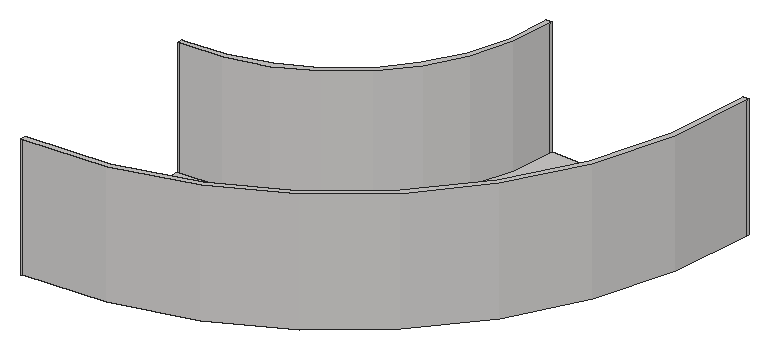
Revit family "S4R_OBO BETTERMANN_CableTray_Bend_Horizontal_RBM FSK RW", category Cable Tray Fittings, Revit 2012
Parameters
  Wholesaler art.no. = ""
  Wholesaler = ""
  Watermarked By = "www.stabiplan.com"
  WIDTH2 [instance] = WIDTH1  # 100 mm
  WIDTH1 [instance] = 100 mm
  VERSION = "91900"  # constant formula
  URL = "www.stabiplan.com"
  built-in parameter 1140111 [instance] = 2.6 mm
  TYPE [instance] = "RBM FSK RW"  # constant formula
  StabiCAD_PM = ""
  Safe_Half_Width2 [instance] = if(not([built-in parameter 1140115] > Half_Width2), [built-in parameter 1140115] - 0.2 mm, Half_Width2)  # 50 mm
  Safe_Half_Width1 [instance] = if(not([built-in parameter 1140115] > Half_Width1), [built-in parameter 1140115] - 0.2 mm, Half_Width1)  # 50 mm
  Manufacturer = "OBO BETTERMANN"  # constant formula
  Lmin [instance] = if(LENGTH1 > LENGTH2, LENGTH2, LENGTH1) - 1 mm  # 149 mm
  PRODUCTLINE [instance] = "OBO BETTERMANN CableTrays"  # constant formula
  LENGTH2 [instance] = if(and(WIDTH1 = 100 mm, HEIGHT1 = 60 mm, ANGLE2 = 45.00°), 140 mm, if(and(WIDTH1 = 200 mm, HEIGHT1 = 60 mm, ANGLE2 = 45.00°), 140 mm, if(and(WIDTH1 = 300 mm, HEIGHT1 = 60 mm, ANGLE2 = 45.00°), 140 mm, if(and(WIDTH1 = 400 mm, HEIGHT1 = 60 mm, ANGLE2 = 45.00°), 140 mm, if(and(WIDTH1 = 500 mm, HEIGHT1 = 60 mm, ANGLE2 = 45.00°), 140 mm, if(and(WIDTH1 = 600 mm, HEIGHT1 = 60 mm, ANGLE2 = 45.00°), 140 mm, if(and(WIDTH1 = 100 mm, HEIGHT1 = 60 mm, ANGLE2 = 90.00°), 150 mm, if(and(WIDTH1 = 200 mm, HEIGHT1 = 60 mm, ANGLE2 = 90.00°), 200 mm, if(and(WIDTH1 = 300 mm, HEIGHT1 = 60 mm, ANGLE2 = 90.00°), 250 mm, if(and(WIDTH1 = 400 mm, HEIGHT1 = 60 mm, ANGLE2 = 90.00°), 300 mm, if(and(WIDTH1 = 500 mm, HEIGHT1 = 60 mm, ANGLE2 = 90.00°), 350 mm, if(and(WIDTH1 = 600 mm, HEIGHT1 = 60 mm, ANGLE2 = 90.00°), 400 mm, WIDTH1 * 2))))))))))))  # 150 mm
  LENGTH1 [instance] = if(and(WIDTH1 = 100 mm, HEIGHT1 = 60 mm, ANGLE2 = 45.00°), 140 mm, if(and(WIDTH1 = 200 mm, HEIGHT1 = 60 mm, ANGLE2 = 45.00°), 140 mm, if(and(WIDTH1 = 300 mm, HEIGHT1 = 60 mm, ANGLE2 = 45.00°), 140 mm, if(and(WIDTH1 = 400 mm, HEIGHT1 = 60 mm, ANGLE2 = 45.00°), 140 mm, if(and(WIDTH1 = 500 mm, HEIGHT1 = 60 mm, ANGLE2 = 45.00°), 140 mm, if(and(WIDTH1 = 600 mm, HEIGHT1 = 60 mm, ANGLE2 = 45.00°), 140 mm, if(and(WIDTH1 = 100 mm, HEIGHT1 = 60 mm, ANGLE2 = 90.00°), 150 mm, if(and(WIDTH1 = 200 mm, HEIGHT1 = 60 mm, ANGLE2 = 90.00°), 200 mm, if(and(WIDTH1 = 300 mm, HEIGHT1 = 60 mm, ANGLE2 = 90.00°), 250 mm, if(and(WIDTH1 = 400 mm, HEIGHT1 = 60 mm, ANGLE2 = 90.00°), 300 mm, if(and(WIDTH1 = 500 mm, HEIGHT1 = 60 mm, ANGLE2 = 90.00°), 350 mm, if(and(WIDTH1 = 600 mm, HEIGHT1 = 60 mm, ANGLE2 = 90.00°), 400 mm, WIDTH1 * 2))))))))))))  # 150 mm
  L2_Tail [instance] = LENGTH2 - Lmin  # 1 mm
  L1_Tail [instance] = LENGTH1 - Lmin  # 1 mm
  Internal art.no. = ""
  ISCUSTOM [instance] = if(and(WIDTH1 = 100 mm, HEIGHT1 = 60 mm, ANGLE2 = 45.00°), 1 = 0, if(and(WIDTH1 = 200 mm, HEIGHT1 = 60 mm, ANGLE2 = 45.00°), 1 = 0, if(and(WIDTH1 = 300 mm, HEIGHT1 = 60 mm, ANGLE2 = 45.00°), 1 = 0, if(and(WIDTH1 = 400 mm, HEIGHT1 = 60 mm, ANGLE2 = 45.00°), 1 = 0, if(and(WIDTH1 = 500 mm, HEIGHT1 = 60 mm, ANGLE2 = 45.00°), 1 = 0, if(and(WIDTH1 = 600 mm, HEIGHT1 = 60 mm, ANGLE2 = 45.00°), 1 = 0, if(and(WIDTH1 = 100 mm, HEIGHT1 = 60 mm, ANGLE2 = 90.00°), 1 = 0, if(and(WIDTH1 = 200 mm, HEIGHT1 = 60 mm, ANGLE2 = 90.00°), 1 = 0, if(and(WIDTH1 = 300 mm, HEIGHT1 = 60 mm, ANGLE2 = 90.00°), 1 = 0, if(and(WIDTH1 = 400 mm, HEIGHT1 = 60 mm, ANGLE2 = 90.00°), 1 = 0, if(and(WIDTH1 = 500 mm, HEIGHT1 = 60 mm, ANGLE2 = 90.00°), 1 = 0, if(and(WIDTH1 = 600 mm, HEIGHT1 = 60 mm, ANGLE2 = 90.00°), 1 = 0, 1 = 1))))))))))))  # no
  IFCExportType = ""
  IFCExportAs = ""
  Half_Width2 [instance] = WIDTH2 / 2  # 50 mm
  Half_Width1 [instance] = WIDTH1 / 2  # 50 mm
  HEIGHT2 [instance] = HEIGHT1  # 60 mm
  HEIGHT1 [instance] = 60 mm
  GTINNUMBER [instance] = if(and(WIDTH1 = 100 mm, HEIGHT1 = 60 mm, ANGLE2 = 45.00°), "4012195986768", if(and(WIDTH1 = 200 mm, HEIGHT1 = 60 mm, ANGLE2 = 45.00°), "4012195986775", if(and(WIDTH1 = 300 mm, HEIGHT1 = 60 mm, ANGLE2 = 45.00°), "4012195986782", if(and(WIDTH1 = 400 mm, HEIGHT1 = 60 mm, ANGLE2 = 45.00°), "4012195986799", if(and(WIDTH1 = 500 mm, HEIGHT1 = 60 mm, ANGLE2 = 45.00°), "4012195986805", if(and(WIDTH1 = 600 mm, HEIGHT1 = 60 mm, ANGLE2 = 45.00°), "4012195986812", if(and(WIDTH1 = 100 mm, HEIGHT1 = 60 mm, ANGLE2 = 90.00°), "4012195986829", if(and(WIDTH1 = 200 mm, HEIGHT1 = 60 mm, ANGLE2 = 90.00°), "4012195986836", if(and(WIDTH1 = 300 mm, HEIGHT1 = 60 mm, ANGLE2 = 90.00°), "4012195986843", if(and(WIDTH1 = 400 mm, HEIGHT1 = 60 mm, ANGLE2 = 90.00°), "4012195986850", if(and(WIDTH1 = 500 mm, HEIGHT1 = 60 mm, ANGLE2 = 90.00°), "4012195986867", if(and(WIDTH1 = 600 mm, HEIGHT1 = 60 mm, ANGLE2 = 90.00°), "4012195986874", "Unknown"))))))))))))  # "4012195986829"
  ETIM article class = ""
  Description = "Horizontal CableTray Bend"
  DEEPLINK = "http://catalog1.obo-bettermann.com"
  Copyright = "© Stabiplan BV / Stabiplan International BV"  # constant formula
  CT2 [instance] = 1
  CT1 [instance] = 1
  BodyColor = Steel
  built-in parameter 1140115 [instance] = Lmin / tan(ANGLE2 / 2)  # 149 mm
  ARTICLENUMBER [instance] = if(and(WIDTH1 = 100 mm, HEIGHT1 = 60 mm, ANGLE2 = 45.00°), "6042740", if(and(WIDTH1 = 200 mm, HEIGHT1 = 60 mm, ANGLE2 = 45.00°), "6042744", if(and(WIDTH1 = 300 mm, HEIGHT1 = 60 mm, ANGLE2 = 45.00°), "6042746", if(and(WIDTH1 = 400 mm, HEIGHT1 = 60 mm, ANGLE2 = 45.00°), "6042748", if(and(WIDTH1 = 500 mm, HEIGHT1 = 60 mm, ANGLE2 = 45.00°), "6042750", if(and(WIDTH1 = 600 mm, HEIGHT1 = 60 mm, ANGLE2 = 45.00°), "6042752", if(and(WIDTH1 = 100 mm, HEIGHT1 = 60 mm, ANGLE2 = 90.00°), "6042760", if(and(WIDTH1 = 200 mm, HEIGHT1 = 60 mm, ANGLE2 = 90.00°), "6042764", if(and(WIDTH1 = 300 mm, HEIGHT1 = 60 mm, ANGLE2 = 90.00°), "6042766", if(and(WIDTH1 = 400 mm, HEIGHT1 = 60 mm, ANGLE2 = 90.00°), "6042768", if(and(WIDTH1 = 500 mm, HEIGHT1 = 60 mm, ANGLE2 = 90.00°), "6042770", if(and(WIDTH1 = 600 mm, HEIGHT1 = 60 mm, ANGLE2 = 90.00°), "6042772", "Unknown"))))))))))))  # "6042760"
  ARTICLEDESCRIPTION [instance] = "Horizontal CableTray Bend"
  ANGLE2 [instance] = 90.00°
Reference planes
  plane 1 "Center (Front/Back)": y = 0
  plane 2: z = 0
  plane 3 "Center (Left/Right)": x = 0
  plane 4: y = 149
  plane 5: x = -149
Forms (mm)
  Sweep 1, solid, material "Steel" <- "BodyColor", detail levels medium
    path in 3D
      loop
        line (-149, 0, 0) -> (-150, 0, 0)
    profile origin (-149.5, 0, 0) x (0, -1, 0) y (0, 0, 1)
      loop
        line (-50, 30) -> (-50, -30) -> (50, -30) -> (50, 30) -> (-50, 30)
  Sweep 2, solid, material "Steel" <- "BodyColor", detail levels medium
    path in 3D
      loop
        line (0, 149, 0) -> (0, 150, 0)
    profile origin (0, 149.5, 0) x (-1, 0, 0) y (0, 0, 1)
      loop
        line (50, -30) -> (50, 30) -> (-50, 30) -> (-50, -30) -> (50, -30)
  SweptBlend 3, solid, material "Steel" <- "BodyColor", detail levels medium
    path in 3D
      loop
        arc (-149, 0, 0) -> (-43.641, 43.641, 0) -> (0, 149, 0) r 149
    profile origin (-149, 0, 0) x (0, 1, 0) y (0, 0, 1)
      loop
        line (50, 30) -> (-50, 30) -> (-50, -30) -> (50, -30) -> (50, 30)
    end profile origin (0, 149, 0) x (-1, 0, 0) y (0, 0, 1)
      loop
        line (50, 30) -> (-50, 30) -> (-50, -30) -> (50, -30) -> (50, 30)
  Sweep 4, solid, material "Steel" <- "BodyColor", detail levels fine
    path in 3D
      loop
        line (-149, 0, 0) -> (-150, 0, 0)
    profile origin (-149.5, 0, 0) x (0, -1, 0) y (0, 0, 1)
      loop
        line (-50, 30) -> (-50, -30) -> (50, -30) -> (50, 30) -> (47.4, 30) -> (47.4, -27.4) -> (-47.4, -27.4) -> (-47.4, 30) -> (-50, 30)
  Sweep 5, solid, material "Steel" <- "BodyColor", detail levels fine
    path in 3D
      loop
        line (0, 149, 0) -> (0, 150, 0)
    profile origin (0, 149.5, 0) x (-1, 0, 0) y (0, 0, 1)
      loop
        line (-50, 30) -> (-50, -30) -> (50, -30) -> (50, 30) -> (47.4, 30) -> (47.4, -27.4) -> (-47.4, -27.4) -> (-47.4, 30) -> (-50, 30)
  SweptBlend 6, solid, material "Steel" <- "BodyColor", detail levels fine
    path in 3D
      loop
        arc (-149, 0, 0) -> (-43.641, 43.641, 0) -> (0, 149, 0) r 149
    profile origin (-149, 0, 0) x (0, 1, 0) y (0, 0, 1)
      loop
        line (50, 30) -> (47.4, 30) -> (47.4, -27.4) -> (-47.4, -27.4) -> (-47.4, 30) -> (-50, 30) -> (-50, -30) -> (50, -30) -> (50, 30)
    end profile origin (0, 149, 0) x (-1, 0, 0) y (0, 0, 1)
      loop
        line (50, 30) -> (47.4, 30) -> (47.4, -27.4) -> (-47.4, -27.4) -> (-47.4, 30) -> (-50, 30) -> (-50, -30) -> (50, -30) -> (50, 30)
Cuts and joins
  joined: Sweep 4, Sweep 5, SweptBlend 6
  joined: Sweep 1, Sweep 2, SweptBlend 3
Lines and regions (mm)
  reference lines
    curve 1: line (-149, 149, 0) -> (-149, 0, 0)
    curve 2: line (-149, 0, 0) -> (0, 0, 0)
    curve 3: line (0, 0, 0) -> (0, 149, 0)
    curve 4: line (0, 149, 0) -> (-149, 149, 0)
    curve 5: arc (-149, 0, 0) -> (-43.641, 43.641, 0) -> (0, 149, 0) r 149
    curve 6: line (-149, 0, 0) -> (-150, 0, 0)
    curve 7: line (0, 149, 0) -> (0, 150, 0)
  model lines, detail levels coarse
    curve 8: line (-399, 0, 0) -> (-400, 0, 0)
    curve 9: line (-49, 399, 0) -> (-49, 400, 0)
  sketch lines
    curve 10: line (-149, 0, 0) -> (-150, 0, 0)
    curve 11: line (0, 149, 0) -> (0, 150, 0)
    curve 12: arc (-149, 0, 0) -> (-43.641, 43.641, 0) -> (0, 149, 0) r 149
    curve 13: line (-149, 0, 0) -> (-150, 0, 0)
    curve 14: line (0, 149, 0) -> (0, 150, 0)
    curve 15: arc (-149, 0, 0) -> (-43.641, 43.641, 0) -> (0, 149, 0) r 149
  model lines, style "Coarse", detail levels coarse
    curve 16: line (-149, 0, 0) -> (-150, 0, 0)
    curve 17: arc (-149, 0, 0) -> (-43.641, 43.641, 0) -> (0, 149, 0) r 149
    curve 18: line (0, 149, 0) -> (0, 150, 0)
Dimensions and locks
  "Lmin": plane 5 to plane 3 "Center (Left/Right)"
  "built-in parameter 1140115": plane 4 to plane 1 "Center (Front/Back)"
  "built-in parameter 1140115": curve 4 to curve 4
  "built-in parameter 1140115": plane 1 "Center (Front/Back)" to curve 1
  "L1_Tail": curve 6 to curve 6
  "L2_Tail": curve 7 to curve 7
  equal spacing: Sweep 1 sketch curve, profile plane, Sweep 1 sketch curve  (x2)
  "WIDTH1": Sweep 1 sketch curve to Sweep 1 sketch curve
  "HEIGHT1": Sweep 1 sketch curve to Sweep 1 sketch curve
  equal spacing: Sweep 2 sketch curve, profile plane, Sweep 2 sketch curve  (x2)
  "WIDTH2": Sweep 2 sketch curve to Sweep 2 sketch curve
  "HEIGHT2": Sweep 2 sketch curve to Sweep 2 sketch curve
  equal spacing: SweptBlend 3 sketch curve, profile plane, SweptBlend 3 sketch curve  (x2)
  "HEIGHT1": SweptBlend 3 sketch curve to SweptBlend 3 sketch curve
  "HEIGHT2": SweptBlend 3 sketch curve to SweptBlend 3 sketch curve
  equal spacing: Sweep 4 sketch curve, profile plane, Sweep 4 sketch curve  (x3)
  "HEIGHT1": Sweep 4 sketch curve to Sweep 4 sketch curve
  "WIDTH1": Sweep 4 sketch curve to Sweep 4 sketch curve
  "built-in parameter 1140111": Sweep 4 sketch curve to Sweep 1  (x2)
  "built-in parameter 1140111": Sweep 1 to Sweep 4 sketch curve
  equal spacing: Sweep 5 sketch curve, profile plane, Sweep 5 sketch curve  (x3)
  "HEIGHT2": Sweep 5 sketch curve to Sweep 5 sketch curve
  "WIDTH2": Sweep 5 sketch curve to Sweep 5 sketch curve
  "built-in parameter 1140111": Sweep 5 sketch curve to Sweep 5 sketch curve  (x3)
  "built-in parameter 1140111": SweptBlend 6 sketch curve to SweptBlend 6 sketch curve  (x6)
  equal spacing: SweptBlend 6 sketch curve, profile plane, SweptBlend 6 sketch curve  (x4)
  "HEIGHT1": SweptBlend 6 sketch curve to SweptBlend 6 sketch curve
  "HEIGHT2": SweptBlend 6 sketch curve to SweptBlend 6 sketch curve
  "Safe_Half_Width1": profile plane to SweptBlend 6 sketch curve
  "Half_Width1": SweptBlend 6 sketch curve to profile plane
  "Safe_Half_Width2": SweptBlend 6 sketch curve to profile plane
  "Half_Width2": profile plane to SweptBlend 6 sketch curve
  "Safe_Half_Width1": profile plane to SweptBlend 3 sketch curve
  "Half_Width1": SweptBlend 3 sketch curve to profile plane
  "Safe_Half_Width2": SweptBlend 3 sketch curve to profile plane
  "Half_Width2": profile plane to SweptBlend 3 sketch curve
  "built-in parameter 1140115": radius of curve 5
  "ANGLE2": angle plane 5 to curve 4
  locked: curve 7 to curve 4 (angle 90.00°)
  "ANGLE2": angle plane 1 "Center (Front/Back)" to curve 18
  aligned and locked: level to plane 2
  aligned and locked: plane 1 "Center (Front/Back)" to curve 2  (x2)
  aligned and locked: plane 3 "Center (Left/Right)" to curve 2
  aligned and locked: curve 1 to plane 5
  aligned and locked: curve 17 to curve 5
  aligned and locked: SweptBlend 3 to curve 18
  aligned and locked: Sweep 2 to curve 18
Automatic sketch dimensions
  plane 1 "Center (Front/Back)" to curve 8 = 0 mm
  curve 8 to curve 16 = 249 mm
  curve 8 to curve 8 = 1 mm
  curve 9 to plane 3 "Center (Left/Right)" = 49 mm
  plane 4 to curve 9 = 250 mm
  curve 9 to curve 9 = 1 mm
  curve 16 to plane 5 = 1 mm
Connectors
  cabletrayconduit at (-150, 0, 0), driven by "HEIGHT1", driven by "WIDTH1", driven by "ANGLE2"
    settings: on Sweep 1, index 1, connector width 100 mm, connector height 60 mm, connector radius 300 mm, connector angle 90.00°, system type 32, placement type 0, profile type 1, connector reference index 2, is primary connector yes, connector utility param no, connector description ""
  cabletrayconduit at (0, 150, 0), driven by "ANGLE2", driven by "HEIGHT2", driven by "WIDTH2"
    settings: on Sweep 2, index 2, connector width 100 mm, connector height 60 mm, connector radius 300 mm, connector angle 90.00°, system type 32, placement type 0, profile type 1, connector reference index 1, is primary connector no, connector utility param no, connector description ""
